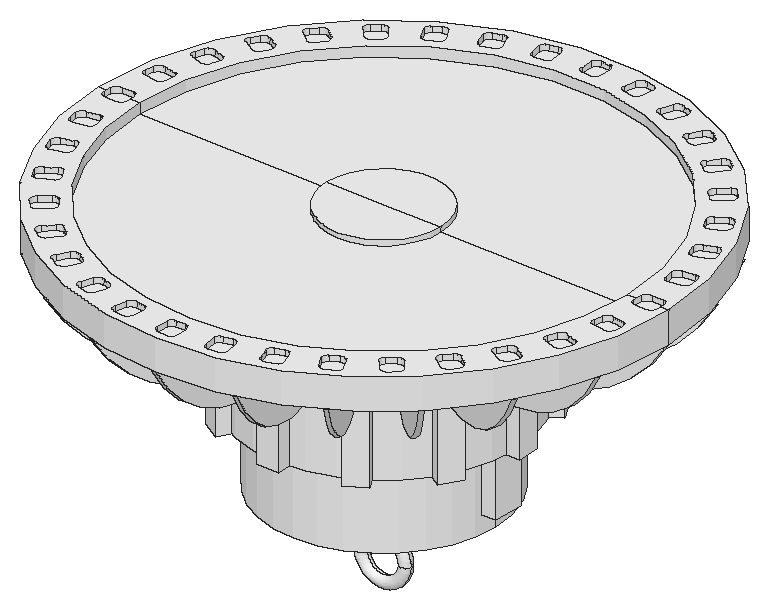
Revit family "CRB", category Lighting Fixtures, host Face, Revit 2021 (continued)
Definition of nested family "MV"
  Forms (in)
    Revolve 2, solid, material <- "Housing Material"
      sketch origin (-0.0111, 0.02148, 0) x (1, 0, 0) y (0, 0, 1)
        axis (0, 8.54) -> (0, 7.79)
      angle from 0 to 360
    Extrusion 3, solid, material <- "Housing Material"
      sketch origin (-0.0111, -8.59976, 0) x (0, 1, 0) y (0, 0, 1)
        loop
          line (5.49624, 7.29) -> (5.4141, 7.29)
          arc (5.4141, 7.29) -> (3.9671, 7.41595) -> (2.56362, 7.79) r 8.37521
          line (2.56362, 7.79) -> (1.62124, 7.79)
          arc (1.62124, 7.79) -> (3.272, 6.27813) -> (5.49624, 6.0261) r 3.61991
          line (5.49624, 6.0261) -> (5.49624, 7.29)
      from -0.1 to 0
    Extrusion 4, solid, material <- "Housing Material"
      sketch origin (2.22024, -8.306, 0) x (-0.258819, 0.965926, 0) y (0, 0, 1)
        loop
          line (5.49624, 7.29) -> (5.4141, 7.29)
          arc (5.4141, 7.29) -> (3.9671, 7.41595) -> (2.56362, 7.79) r 8.37521
          line (2.56362, 7.79) -> (1.62124, 7.79)
          arc (1.62124, 7.79) -> (3.272, 6.27813) -> (5.49624, 6.0261) r 3.61991
          line (5.49624, 6.0261) -> (5.49624, 7.29)
      from -0.1 to 0
    Extrusion 5, solid, material <- "Housing Material"
      sketch origin (4.29952, -7.44473, 0) x (-0.5, 0.866025, 0) y (0, 0, 1)
        loop
          line (5.49624, 7.29) -> (5.4141, 7.29)
          arc (5.4141, 7.29) -> (3.9671, 7.41595) -> (2.56362, 7.79) r 8.37521
          line (2.56362, 7.79) -> (1.62124, 7.79)
          arc (1.62124, 7.79) -> (3.272, 6.27813) -> (5.49624, 6.0261) r 3.61991
          line (5.49624, 6.0261) -> (5.49624, 7.29)
      from -0.1 to 0
    Extrusion 6, solid, material <- "Housing Material"
      sketch origin (6.08504, -6.07466, 0) x (-0.707107, 0.707107, 0) y (0, 0, 1)
        loop
          line (5.49624, 7.29) -> (5.4141, 7.29)
          arc (5.4141, 7.29) -> (3.9671, 7.41595) -> (2.56362, 7.79) r 8.37521
          line (2.56362, 7.79) -> (1.62124, 7.79)
          arc (1.62124, 7.79) -> (3.272, 6.27813) -> (5.49624, 6.0261) r 3.61991
          line (5.49624, 6.0261) -> (5.49624, 7.29)
      from -0.1 to 0
    Extrusion 7, solid, material <- "Housing Material"
      sketch origin (6.08504, -6.07466, 0) x (-0.707107, 0.707107, 0) y (0, 0, 1)
        loop
          line (5.49624, 7.29) -> (5.4141, 7.29)
          arc (5.4141, 7.29) -> (3.9671, 7.41595) -> (2.56362, 7.79) r 8.37521
          line (2.56362, 7.79) -> (1.62124, 7.79)
          arc (1.62124, 7.79) -> (3.272, 6.27813) -> (5.49624, 6.0261) r 3.61991
          line (5.49624, 6.0261) -> (5.49624, 7.29)
      from -0.1 to 0
    Extrusion 8, solid, material <- "Housing Material"
      sketch origin (7.45511, -4.28914, 0) x (-0.866025, 0.5, 0) y (0, 0, 1)
        loop
          line (5.49624, 7.29) -> (5.4141, 7.29)
          arc (5.4141, 7.29) -> (3.9671, 7.41595) -> (2.56362, 7.79) r 8.37521
          line (2.56362, 7.79) -> (1.62124, 7.79)
          arc (1.62124, 7.79) -> (3.272, 6.27813) -> (5.49624, 6.0261) r 3.61991
          line (5.49624, 6.0261) -> (5.49624, 7.29)
      from -0.1 to 0
    Extrusion 9, solid, material <- "Housing Material"
      sketch origin (8.31638, -2.20986, 0) x (-0.965926, 0.258819, 0) y (0, 0, 1)
        loop
          line (5.49624, 7.29) -> (5.4141, 7.29)
          arc (5.4141, 7.29) -> (3.9671, 7.41595) -> (2.56362, 7.79) r 8.37521
          line (2.56362, 7.79) -> (1.62124, 7.79)
          arc (1.62124, 7.79) -> (3.272, 6.27813) -> (5.49624, 6.0261) r 3.61991
          line (5.49624, 6.0261) -> (5.49624, 7.29)
      from -0.1 to 0
    Extrusion 10, solid, material <- "Housing Material"
      sketch origin (8.61014, 0.02148, 0) x (-1, 0, 0) y (0, 0, 1)
        loop
          line (5.49624, 7.29) -> (5.4141, 7.29)
          arc (5.4141, 7.29) -> (3.9671, 7.41595) -> (2.56362, 7.79) r 8.37521
          line (2.56362, 7.79) -> (1.62124, 7.79)
          arc (1.62124, 7.79) -> (3.272, 6.27813) -> (5.49624, 6.0261) r 3.61991
          line (5.49624, 6.0261) -> (5.49624, 7.29)
      from -0.1 to 0
    Extrusion 11, solid, material <- "Housing Material"
      sketch origin (8.61014, 0.02148, 0) x (-1, 0, 0) y (0, 0, 1)
        loop
          line (5.49624, 7.29) -> (5.4141, 7.29)
          arc (5.4141, 7.29) -> (3.9671, 7.41595) -> (2.56362, 7.79) r 8.37521
          line (2.56362, 7.79) -> (1.62124, 7.79)
          arc (1.62124, 7.79) -> (3.272, 6.27813) -> (5.49624, 6.0261) r 3.61991
          line (5.49624, 6.0261) -> (5.49624, 7.29)
      from -0.1 to 0
    Extrusion 12, solid, material <- "Housing Material"
      sketch origin (8.31638, 2.25282, 0) x (-0.965926, -0.258819, 0) y (0, 0, 1)
        loop
          line (5.49624, 7.29) -> (5.4141, 7.29)
          arc (5.4141, 7.29) -> (3.9671, 7.41595) -> (2.56362, 7.79) r 8.37521
          line (2.56362, 7.79) -> (1.62124, 7.79)
          arc (1.62124, 7.79) -> (3.272, 6.27813) -> (5.49624, 6.0261) r 3.61991
          line (5.49624, 6.0261) -> (5.49624, 7.29)
      from -0.1 to 0
    Extrusion 13, solid, material <- "Housing Material"
      sketch origin (7.45511, 4.3321, 0) x (-0.866025, -0.5, 0) y (0, 0, 1)
        loop
          line (5.49624, 7.29) -> (5.4141, 7.29)
          arc (5.4141, 7.29) -> (3.9671, 7.41595) -> (2.56362, 7.79) r 8.37521
          line (2.56362, 7.79) -> (1.62124, 7.79)
          arc (1.62124, 7.79) -> (3.272, 6.27813) -> (5.49624, 6.0261) r 3.61991
          line (5.49624, 6.0261) -> (5.49624, 7.29)
      from -0.1 to 0
    Extrusion 14, solid, material <- "Housing Material"
      sketch origin (6.08504, 6.11761, 0) x (-0.707107, -0.707107, 0) y (0, 0, 1)
        loop
          line (5.49624, 7.29) -> (5.4141, 7.29)
          arc (5.4141, 7.29) -> (3.9671, 7.41595) -> (2.56362, 7.79) r 8.37521
          line (2.56362, 7.79) -> (1.62124, 7.79)
          arc (1.62124, 7.79) -> (3.272, 6.27813) -> (5.49624, 6.0261) r 3.61991
          line (5.49624, 6.0261) -> (5.49624, 7.29)
      from -0.1 to 0
    Extrusion 15, solid, material <- "Housing Material"
      sketch origin (6.08504, 6.11761, 0) x (-0.707107, -0.707107, 0) y (0, 0, 1)
        loop
          line (5.49624, 7.29) -> (5.4141, 7.29)
          arc (5.4141, 7.29) -> (3.9671, 7.41595) -> (2.56362, 7.79) r 8.37521
          line (2.56362, 7.79) -> (1.62124, 7.79)
          arc (1.62124, 7.79) -> (3.272, 6.27813) -> (5.49624, 6.0261) r 3.61991
          line (5.49624, 6.0261) -> (5.49624, 7.29)
      from -0.1 to 0
    Extrusion 16, solid, material <- "Housing Material"
      sketch origin (4.29952, 7.48769, 0) x (-0.5, -0.866025, 0) y (0, 0, 1)
        loop
          line (5.49624, 7.29) -> (5.4141, 7.29)
          arc (5.4141, 7.29) -> (3.9671, 7.41595) -> (2.56362, 7.79) r 8.37521
          line (2.56362, 7.79) -> (1.62124, 7.79)
          arc (1.62124, 7.79) -> (3.272, 6.27813) -> (5.49624, 6.0261) r 3.61991
          line (5.49624, 6.0261) -> (5.49624, 7.29)
      from -0.1 to 0
    Extrusion 17, solid, material <- "Housing Material"
      sketch origin (2.22024, 8.34895, 0) x (-0.258819, -0.965926, 0) y (0, 0, 1)
        loop
          line (5.49624, 7.29) -> (5.4141, 7.29)
          arc (5.4141, 7.29) -> (3.9671, 7.41595) -> (2.56362, 7.79) r 8.37521
          line (2.56362, 7.79) -> (1.62124, 7.79)
          arc (1.62124, 7.79) -> (3.272, 6.27813) -> (5.49624, 6.0261) r 3.61991
          line (5.49624, 6.0261) -> (5.49624, 7.29)
      from -0.1 to 0
    Extrusion 18, solid, material <- "Housing Material"
      sketch origin (-0.0111, 8.64272, 0) x (0, -1, 0) y (0, 0, 1)
        loop
          line (5.49624, 7.29) -> (5.4141, 7.29)
          arc (5.4141, 7.29) -> (3.9671, 7.41595) -> (2.56362, 7.79) r 8.37521
          line (2.56362, 7.79) -> (1.62124, 7.79)
          arc (1.62124, 7.79) -> (3.272, 6.27813) -> (5.49624, 6.0261) r 3.61991
          line (5.49624, 6.0261) -> (5.49624, 7.29)
      from -0.1 to 0
    Extrusion 19, solid, material <- "Housing Material"
      sketch origin (-2.24244, -8.306, 0) x (0.258819, 0.965926, 0) y (0, 0, -1)
        loop
          line (5.49624, -7.29) -> (5.49624, -6.0261)
          arc (5.49624, -6.0261) -> (3.272, -6.27813) -> (1.62124, -7.79) r 3.61991
          line (1.62124, -7.79) -> (2.56362, -7.79)
          arc (2.56362, -7.79) -> (3.9671, -7.41595) -> (5.4141, -7.29) r 8.37521
          line (5.4141, -7.29) -> (5.49624, -7.29)
      from -0.1 to 0
    Extrusion 20, solid, material <- "Housing Material"
      sketch origin (-4.32172, -7.44473, 0) x (0.5, 0.866025, 0) y (0, 0, -1)
        loop
          line (5.49624, -7.29) -> (5.49624, -6.0261)
          arc (5.49624, -6.0261) -> (3.272, -6.27813) -> (1.62124, -7.79) r 3.61991
          line (1.62124, -7.79) -> (2.56362, -7.79)
          arc (2.56362, -7.79) -> (3.9671, -7.41595) -> (5.4141, -7.29) r 8.37521
          line (5.4141, -7.29) -> (5.49624, -7.29)
      from -0.1 to 0
    Extrusion 21, solid, material <- "Housing Material"
      sketch origin (-6.10723, -6.07466, 0) x (0.707107, 0.707107, 0) y (0, 0, -1)
        loop
          line (5.49624, -7.29) -> (5.49624, -6.0261)
          arc (5.49624, -6.0261) -> (3.272, -6.27813) -> (1.62124, -7.79) r 3.61991
          line (1.62124, -7.79) -> (2.56362, -7.79)
          arc (2.56362, -7.79) -> (3.9671, -7.41595) -> (5.4141, -7.29) r 8.37521
          line (5.4141, -7.29) -> (5.49624, -7.29)
      from -0.1 to 0
    Extrusion 22, solid, material <- "Housing Material"
      sketch origin (-6.10723, -6.07466, 0) x (0.707107, 0.707107, 0) y (0, 0, -1)
        loop
          line (5.49624, -7.29) -> (5.49624, -6.0261)
          arc (5.49624, -6.0261) -> (3.272, -6.27813) -> (1.62124, -7.79) r 3.61991
          line (1.62124, -7.79) -> (2.56362, -7.79)
          arc (2.56362, -7.79) -> (3.9671, -7.41595) -> (5.4141, -7.29) r 8.37521
          line (5.4141, -7.29) -> (5.49624, -7.29)
      from -0.1 to 0
    Extrusion 23, solid, material <- "Housing Material"
      sketch origin (-7.47731, -4.28914, 0) x (0.866025, 0.5, 0) y (0, 0, -1)
        loop
          line (5.49624, -7.29) -> (5.49624, -6.0261)
          arc (5.49624, -6.0261) -> (3.272, -6.27813) -> (1.62124, -7.79) r 3.61991
          line (1.62124, -7.79) -> (2.56362, -7.79)
          arc (2.56362, -7.79) -> (3.9671, -7.41595) -> (5.4141, -7.29) r 8.37521
          line (5.4141, -7.29) -> (5.49624, -7.29)
      from -0.1 to 0
    Extrusion 24, solid, material <- "Housing Material"
      sketch origin (-8.33857, -2.20986, 0) x (0.965926, 0.258819, 0) y (0, 0, -1)
        loop
          line (5.49624, -7.29) -> (5.49624, -6.0261)
          arc (5.49624, -6.0261) -> (3.272, -6.27813) -> (1.62124, -7.79) r 3.61991
          line (1.62124, -7.79) -> (2.56362, -7.79)
          arc (2.56362, -7.79) -> (3.9671, -7.41595) -> (5.4141, -7.29) r 8.37521
          line (5.4141, -7.29) -> (5.49624, -7.29)
      from -0.1 to 0
    Extrusion 25, solid, material <- "Housing Material"
      sketch origin (-8.63233, 0.02148, 0) x (1, 0, 0) y (0, 0, -1)
        loop
          line (5.49624, -7.29) -> (5.49624, -6.0261)
          arc (5.49624, -6.0261) -> (3.272, -6.27813) -> (1.62124, -7.79) r 3.61991
          line (1.62124, -7.79) -> (2.56362, -7.79)
          arc (2.56362, -7.79) -> (3.9671, -7.41595) -> (5.4141, -7.29) r 8.37521
          line (5.4141, -7.29) -> (5.49624, -7.29)
      from -0.1 to 0
    Extrusion 26, solid, material <- "Housing Material"
      sketch origin (-8.63233, 0.02148, 0) x (1, 0, 0) y (0, 0, -1)
        loop
          line (5.49624, -7.29) -> (5.49624, -6.0261)
          arc (5.49624, -6.0261) -> (3.272, -6.27813) -> (1.62124, -7.79) r 3.61991
          line (1.62124, -7.79) -> (2.56362, -7.79)
          arc (2.56362, -7.79) -> (3.9671, -7.41595) -> (5.4141, -7.29) r 8.37521
          line (5.4141, -7.29) -> (5.49624, -7.29)
      from -0.1 to 0
    Extrusion 27, solid, material <- "Housing Material"
      sketch origin (-8.33857, 2.25282, 0) x (0.965926, -0.258819, 0) y (0, 0, -1)
        loop
          line (5.49624, -7.29) -> (5.49624, -6.0261)
          arc (5.49624, -6.0261) -> (3.272, -6.27813) -> (1.62124, -7.79) r 3.61991
          line (1.62124, -7.79) -> (2.56362, -7.79)
          arc (2.56362, -7.79) -> (3.9671, -7.41595) -> (5.4141, -7.29) r 8.37521
          line (5.4141, -7.29) -> (5.49624, -7.29)
      from -0.1 to 0
    Extrusion 28, solid, material <- "Housing Material"
      sketch origin (-7.47731, 4.3321, 0) x (0.866025, -0.5, 0) y (0, 0, -1)
        loop
          line (5.49624, -7.29) -> (5.49624, -6.0261)
          arc (5.49624, -6.0261) -> (3.272, -6.27813) -> (1.62124, -7.79) r 3.61991
          line (1.62124, -7.79) -> (2.56362, -7.79)
          arc (2.56362, -7.79) -> (3.9671, -7.41595) -> (5.4141, -7.29) r 8.37521
          line (5.4141, -7.29) -> (5.49624, -7.29)
      from -0.1 to 0
    Extrusion 29, solid, material <- "Housing Material"
      sketch origin (-6.10723, 6.11761, 0) x (0.707107, -0.707107, 0) y (0, 0, -1)
        loop
          line (5.49624, -7.29) -> (5.49624, -6.0261)
          arc (5.49624, -6.0261) -> (3.272, -6.27813) -> (1.62124, -7.79) r 3.61991
          line (1.62124, -7.79) -> (2.56362, -7.79)
          arc (2.56362, -7.79) -> (3.9671, -7.41595) -> (5.4141, -7.29) r 8.37521
          line (5.4141, -7.29) -> (5.49624, -7.29)
      from -0.1 to 0
    Extrusion 30, solid, material <- "Housing Material"
      sketch origin (-6.10723, 6.11761, 0) x (0.707107, -0.707107, 0) y (0, 0, -1)
        loop
          line (5.49624, -7.29) -> (5.49624, -6.0261)
          arc (5.49624, -6.0261) -> (3.272, -6.27813) -> (1.62124, -7.79) r 3.61991
          line (1.62124, -7.79) -> (2.56362, -7.79)
          arc (2.56362, -7.79) -> (3.9671, -7.41595) -> (5.4141, -7.29) r 8.37521
          line (5.4141, -7.29) -> (5.49624, -7.29)
      from -0.1 to 0
    Extrusion 31, solid, material <- "Housing Material"
      sketch origin (-4.32172, 7.48769, 0) x (0.5, -0.866025, 0) y (0, 0, -1)
        loop
          line (5.49624, -7.29) -> (5.49624, -6.0261)
          arc (5.49624, -6.0261) -> (3.272, -6.27813) -> (1.62124, -7.79) r 3.61991
          line (1.62124, -7.79) -> (2.56362, -7.79)
          arc (2.56362, -7.79) -> (3.9671, -7.41595) -> (5.4141, -7.29) r 8.37521
          line (5.4141, -7.29) -> (5.49624, -7.29)
      from -0.1 to 0
    Extrusion 32, solid, material <- "Housing Material"
      sketch origin (-2.24244, 8.34895, 0) x (0.258819, -0.965926, 0) y (0, 0, -1)
        loop
          line (5.49624, -7.29) -> (5.49624, -6.0261)
          arc (5.49624, -6.0261) -> (3.272, -6.27813) -> (1.62124, -7.79) r 3.61991
          line (1.62124, -7.79) -> (2.56362, -7.79)
          arc (2.56362, -7.79) -> (3.9671, -7.41595) -> (5.4141, -7.29) r 8.37521
          line (5.4141, -7.29) -> (5.49624, -7.29)
      from -0.1 to 0
    Revolve 33, solid, material <- "Housing Material"
      sketch origin (-0.0111, 0.02148, 0) x (1, 0, 0) y (0, 0, 1)
        loop
          line (0, 1.40585) -> (0.31937, 1.40585) -> (0.5, 1.71871) -> (0.5, 2.54209) -> (2.75, 2.54209) -> (2.75, 4.16254) -> (3.25, 4.16254) -> (3.25, 7.75) -> (0, 7.75) -> (0, 1.40585)
        axis (0, 7.75) -> (0, 1.40585)
      angle from 0 to 360
    Extrusion 34, void
      sketch origin (-0.0111, -8.59976, 0) x (1, 0, 0) y (0, 1, 0)
        loop
          arc (-0.12065, 2.39636) -> (-0.21391, 2.35773) -> (-0.25254, 2.26447) r 0.13189
          line (-0.25254, 2.26447) -> (-0.25254, 1.97534)
          arc (-0.25254, 1.97534) -> (-0.20608, 1.86318) -> (-0.09392, 1.81672) r 0.15862
          line (-0.09392, 1.81672) -> (0.10853, 1.81672)
          arc (0.10853, 1.81672) -> (0.20677, 1.85741) -> (0.24746, 1.95565) r 0.13893
          line (0.24746, 1.95565) -> (0.24746, 2.24592)
          arc (0.24746, 2.24592) -> (0.20339, 2.3523) -> (0.09701, 2.39636) r 0.15044
          line (0.09701, 2.39636) -> (-0.12065, 2.39636)
      from 8.41275 to 8.54
    Extrusion 35, void
      sketch origin (1.48596, -8.46878, 0) x (0.984808, 0.173648, 0) y (-0.173648, 0.984808, 0)
        loop
          arc (-0.12065, 2.39636) -> (-0.21391, 2.35773) -> (-0.25254, 2.26447) r 0.13189
          line (-0.25254, 2.26447) -> (-0.25254, 1.97534)
          arc (-0.25254, 1.97534) -> (-0.20608, 1.86318) -> (-0.09392, 1.81672) r 0.15862
          line (-0.09392, 1.81672) -> (0.10853, 1.81672)
          arc (0.10853, 1.81672) -> (0.20677, 1.85741) -> (0.24746, 1.95565) r 0.13893
          line (0.24746, 1.95565) -> (0.24746, 2.24592)
          arc (0.24746, 2.24592) -> (0.20339, 2.3523) -> (0.09701, 2.39636) r 0.15044
          line (0.09701, 2.39636) -> (-0.12065, 2.39636)
      from 8.41275 to 8.54
    Extrusion 36, void
      sketch origin (2.93754, -8.07983, 0) x (0.939693, 0.34202, 0) y (-0.34202, 0.939693, 0)
        loop
          arc (-0.12065, 2.39636) -> (-0.21391, 2.35773) -> (-0.25254, 2.26447) r 0.13189
          line (-0.25254, 2.26447) -> (-0.25254, 1.97534)
          arc (-0.25254, 1.97534) -> (-0.20608, 1.86318) -> (-0.09392, 1.81672) r 0.15862
          line (-0.09392, 1.81672) -> (0.10853, 1.81672)
          arc (0.10853, 1.81672) -> (0.20677, 1.85741) -> (0.24746, 1.95565) r 0.13893
          line (0.24746, 1.95565) -> (0.24746, 2.24592)
          arc (0.24746, 2.24592) -> (0.20339, 2.3523) -> (0.09701, 2.39636) r 0.15044
          line (0.09701, 2.39636) -> (-0.12065, 2.39636)
      from 8.41275 to 8.54
    Extrusion 37, void
      sketch origin (4.29952, -7.44473, 0) x (0.866025, 0.5, 0) y (-0.5, 0.866025, 0)
        loop
          arc (-0.12065, 2.39636) -> (-0.21391, 2.35773) -> (-0.25254, 2.26447) r 0.13189
          line (-0.25254, 2.26447) -> (-0.25254, 1.97534)
          arc (-0.25254, 1.97534) -> (-0.20608, 1.86318) -> (-0.09392, 1.81672) r 0.15862
          line (-0.09392, 1.81672) -> (0.10853, 1.81672)
          arc (0.10853, 1.81672) -> (0.20677, 1.85741) -> (0.24746, 1.95565) r 0.13893
          line (0.24746, 1.95565) -> (0.24746, 2.24592)
          arc (0.24746, 2.24592) -> (0.20339, 2.3523) -> (0.09701, 2.39636) r 0.15044
          line (0.09701, 2.39636) -> (-0.12065, 2.39636)
      from 8.41275 to 8.54
    Extrusion 38, void
      sketch origin (5.53053, -6.58277, 0) x (0.766044, 0.642788, 0) y (-0.642788, 0.766044, 0)
        loop
          arc (-0.12065, 2.39636) -> (-0.21391, 2.35773) -> (-0.25254, 2.26447) r 0.13189
          line (-0.25254, 2.26447) -> (-0.25254, 1.97534)
          arc (-0.25254, 1.97534) -> (-0.20608, 1.86318) -> (-0.09392, 1.81672) r 0.15862
          line (-0.09392, 1.81672) -> (0.10853, 1.81672)
          arc (0.10853, 1.81672) -> (0.20677, 1.85741) -> (0.24746, 1.95565) r 0.13893
          line (0.24746, 1.95565) -> (0.24746, 2.24592)
          arc (0.24746, 2.24592) -> (0.20339, 2.3523) -> (0.09701, 2.39636) r 0.15044
          line (0.09701, 2.39636) -> (-0.12065, 2.39636)
      from 8.41275 to 8.54
    Extrusion 39, void
      sketch origin (6.59315, -5.52014, 0) x (0.642788, 0.766044, 0) y (-0.766044, 0.642788, 0)
        loop
          arc (-0.12065, 2.39636) -> (-0.21391, 2.35773) -> (-0.25254, 2.26447) r 0.13189
          line (-0.25254, 2.26447) -> (-0.25254, 1.97534)
          arc (-0.25254, 1.97534) -> (-0.20608, 1.86318) -> (-0.09392, 1.81672) r 0.15862
          line (-0.09392, 1.81672) -> (0.10853, 1.81672)
          arc (0.10853, 1.81672) -> (0.20677, 1.85741) -> (0.24746, 1.95565) r 0.13893
          line (0.24746, 1.95565) -> (0.24746, 2.24592)
          arc (0.24746, 2.24592) -> (0.20339, 2.3523) -> (0.09701, 2.39636) r 0.15044
          line (0.09701, 2.39636) -> (-0.12065, 2.39636)
      from 8.41275 to 8.54
    Extrusion 40, void
      sketch origin (7.45511, -4.28914, 0) x (0.5, 0.866025, 0) y (-0.866025, 0.5, 0)
        loop
          arc (-0.12065, 2.39636) -> (-0.21391, 2.35773) -> (-0.25254, 2.26447) r 0.13189
          line (-0.25254, 2.26447) -> (-0.25254, 1.97534)
          arc (-0.25254, 1.97534) -> (-0.20608, 1.86318) -> (-0.09392, 1.81672) r 0.15862
          line (-0.09392, 1.81672) -> (0.10853, 1.81672)
          arc (0.10853, 1.81672) -> (0.20677, 1.85741) -> (0.24746, 1.95565) r 0.13893
          line (0.24746, 1.95565) -> (0.24746, 2.24592)
          arc (0.24746, 2.24592) -> (0.20339, 2.3523) -> (0.09701, 2.39636) r 0.15044
          line (0.09701, 2.39636) -> (-0.12065, 2.39636)
      from 8.41275 to 8.54
    Extrusion 41, void
      sketch origin (8.09021, -2.92716, 0) x (0.34202, 0.939693, 0) y (-0.939693, 0.34202, 0)
        loop
          arc (-0.12065, 2.39636) -> (-0.21391, 2.35773) -> (-0.25254, 2.26447) r 0.13189
          line (-0.25254, 2.26447) -> (-0.25254, 1.97534)
          arc (-0.25254, 1.97534) -> (-0.20608, 1.86318) -> (-0.09392, 1.81672) r 0.15862
          line (-0.09392, 1.81672) -> (0.10853, 1.81672)
          arc (0.10853, 1.81672) -> (0.20677, 1.85741) -> (0.24746, 1.95565) r 0.13893
          line (0.24746, 1.95565) -> (0.24746, 2.24592)
          arc (0.24746, 2.24592) -> (0.20339, 2.3523) -> (0.09701, 2.39636) r 0.15044
          line (0.09701, 2.39636) -> (-0.12065, 2.39636)
      from 8.41275 to 8.54
    Extrusion 42, void
      sketch origin (7.45511, -4.28914, 0) x (0.5, 0.866025, 0) y (-0.866025, 0.5, 0)
        loop
          arc (-0.12065, 2.39636) -> (-0.21391, 2.35773) -> (-0.25254, 2.26447) r 0.13189
          line (-0.25254, 2.26447) -> (-0.25254, 1.97534)
          arc (-0.25254, 1.97534) -> (-0.20608, 1.86318) -> (-0.09392, 1.81672) r 0.15862
          line (-0.09392, 1.81672) -> (0.10853, 1.81672)
          arc (0.10853, 1.81672) -> (0.20677, 1.85741) -> (0.24746, 1.95565) r 0.13893
          line (0.24746, 1.95565) -> (0.24746, 2.24592)
          arc (0.24746, 2.24592) -> (0.20339, 2.3523) -> (0.09701, 2.39636) r 0.15044
          line (0.09701, 2.39636) -> (-0.12065, 2.39636)
      from 8.41275 to 8.54
    Extrusion 43, void
      sketch origin (8.09021, -2.92716, 0) x (0.34202, 0.939693, 0) y (-0.939693, 0.34202, 0)
        loop
          arc (-0.12065, 2.39636) -> (-0.21391, 2.35773) -> (-0.25254, 2.26447) r 0.13189
          line (-0.25254, 2.26447) -> (-0.25254, 1.97534)
          arc (-0.25254, 1.97534) -> (-0.20608, 1.86318) -> (-0.09392, 1.81672) r 0.15862
          line (-0.09392, 1.81672) -> (0.10853, 1.81672)
          arc (0.10853, 1.81672) -> (0.20677, 1.85741) -> (0.24746, 1.95565) r 0.13893
          line (0.24746, 1.95565) -> (0.24746, 2.24592)
          arc (0.24746, 2.24592) -> (0.20339, 2.3523) -> (0.09701, 2.39636) r 0.15044
          line (0.09701, 2.39636) -> (-0.12065, 2.39636)
      from 8.41275 to 8.54
    Extrusion 44, void
      sketch origin (8.47916, -1.47558, 0) x (0.173648, 0.984808, 0) y (-0.984808, 0.173648, 0)
        loop
          arc (-0.12065, 2.39636) -> (-0.21391, 2.35773) -> (-0.25254, 2.26447) r 0.13189
          line (-0.25254, 2.26447) -> (-0.25254, 1.97534)
          arc (-0.25254, 1.97534) -> (-0.20608, 1.86318) -> (-0.09392, 1.81672) r 0.15862
          line (-0.09392, 1.81672) -> (0.10853, 1.81672)
          arc (0.10853, 1.81672) -> (0.20677, 1.85741) -> (0.24746, 1.95565) r 0.13893
          line (0.24746, 1.95565) -> (0.24746, 2.24592)
          arc (0.24746, 2.24592) -> (0.20339, 2.3523) -> (0.09701, 2.39636) r 0.15044
          line (0.09701, 2.39636) -> (-0.12065, 2.39636)
      from 8.41275 to 8.54
    Extrusion 45, void
      sketch origin (8.61014, 0.02148, 0) x (0, 1, 0) y (-1, 0, 0)
        loop
          arc (-0.12065, 2.39636) -> (-0.21391, 2.35773) -> (-0.25254, 2.26447) r 0.13189
          line (-0.25254, 2.26447) -> (-0.25254, 1.97534)
          arc (-0.25254, 1.97534) -> (-0.20608, 1.86318) -> (-0.09392, 1.81672) r 0.15862
          line (-0.09392, 1.81672) -> (0.10853, 1.81672)
          arc (0.10853, 1.81672) -> (0.20677, 1.85741) -> (0.24746, 1.95565) r 0.13893
          line (0.24746, 1.95565) -> (0.24746, 2.24592)
          arc (0.24746, 2.24592) -> (0.20339, 2.3523) -> (0.09701, 2.39636) r 0.15044
          line (0.09701, 2.39636) -> (-0.12065, 2.39636)
      from 8.41275 to 8.54
    Extrusion 46, void
      sketch origin (8.47916, 1.51854, 0) x (-0.173648, 0.984808, 0) y (-0.984808, -0.173648, 0)
        loop
          arc (-0.12065, 2.39636) -> (-0.21391, 2.35773) -> (-0.25254, 2.26447) r 0.13189
          line (-0.25254, 2.26447) -> (-0.25254, 1.97534)
          arc (-0.25254, 1.97534) -> (-0.20608, 1.86318) -> (-0.09392, 1.81672) r 0.15862
          line (-0.09392, 1.81672) -> (0.10853, 1.81672)
          arc (0.10853, 1.81672) -> (0.20677, 1.85741) -> (0.24746, 1.95565) r 0.13893
          line (0.24746, 1.95565) -> (0.24746, 2.24592)
          arc (0.24746, 2.24592) -> (0.20339, 2.3523) -> (0.09701, 2.39636) r 0.15044
          line (0.09701, 2.39636) -> (-0.12065, 2.39636)
      from 8.41275 to 8.54
    Extrusion 47, void
      sketch origin (8.09021, 2.97012, 0) x (-0.34202, 0.939693, 0) y (-0.939693, -0.34202, 0)
        loop
          arc (-0.12065, 2.39636) -> (-0.21391, 2.35773) -> (-0.25254, 2.26447) r 0.13189
          line (-0.25254, 2.26447) -> (-0.25254, 1.97534)
          arc (-0.25254, 1.97534) -> (-0.20608, 1.86318) -> (-0.09392, 1.81672) r 0.15862
          line (-0.09392, 1.81672) -> (0.10853, 1.81672)
          arc (0.10853, 1.81672) -> (0.20677, 1.85741) -> (0.24746, 1.95565) r 0.13893
          line (0.24746, 1.95565) -> (0.24746, 2.24592)
          arc (0.24746, 2.24592) -> (0.20339, 2.3523) -> (0.09701, 2.39636) r 0.15044
          line (0.09701, 2.39636) -> (-0.12065, 2.39636)
      from 8.41275 to 8.54
    Extrusion 48, void
      sketch origin (7.45511, 4.3321, 0) x (-0.5, 0.866025, 0) y (-0.866025, -0.5, 0)
        loop
          arc (-0.12065, 2.39636) -> (-0.21391, 2.35773) -> (-0.25254, 2.26447) r 0.13189
          line (-0.25254, 2.26447) -> (-0.25254, 1.97534)
          arc (-0.25254, 1.97534) -> (-0.20608, 1.86318) -> (-0.09392, 1.81672) r 0.15862
          line (-0.09392, 1.81672) -> (0.10853, 1.81672)
          arc (0.10853, 1.81672) -> (0.20677, 1.85741) -> (0.24746, 1.95565) r 0.13893
          line (0.24746, 1.95565) -> (0.24746, 2.24592)
          arc (0.24746, 2.24592) -> (0.20339, 2.3523) -> (0.09701, 2.39636) r 0.15044
          line (0.09701, 2.39636) -> (-0.12065, 2.39636)
      from 8.41275 to 8.54
    Extrusion 49, void
      sketch origin (6.59315, 5.5631, 0) x (-0.642788, 0.766044, 0) y (-0.766044, -0.642788, 0)
        loop
          arc (-0.12065, 2.39636) -> (-0.21391, 2.35773) -> (-0.25254, 2.26447) r 0.13189
          line (-0.25254, 2.26447) -> (-0.25254, 1.97534)
          arc (-0.25254, 1.97534) -> (-0.20608, 1.86318) -> (-0.09392, 1.81672) r 0.15862
          line (-0.09392, 1.81672) -> (0.10853, 1.81672)
          arc (0.10853, 1.81672) -> (0.20677, 1.85741) -> (0.24746, 1.95565) r 0.13893
          line (0.24746, 1.95565) -> (0.24746, 2.24592)
          arc (0.24746, 2.24592) -> (0.20339, 2.3523) -> (0.09701, 2.39636) r 0.15044
          line (0.09701, 2.39636) -> (-0.12065, 2.39636)
      from 8.41275 to 8.54
    Extrusion 50, void
      sketch origin (-0.0111, 8.64272, 0) x (-1, 0, 0) y (0, -1, 0)
        loop
          arc (-0.12065, 2.39636) -> (-0.21391, 2.35773) -> (-0.25254, 2.26447) r 0.13189
          line (-0.25254, 2.26447) -> (-0.25254, 1.97534)
          arc (-0.25254, 1.97534) -> (-0.20608, 1.86318) -> (-0.09392, 1.81672) r 0.15862
          line (-0.09392, 1.81672) -> (0.10853, 1.81672)
          arc (0.10853, 1.81672) -> (0.20677, 1.85741) -> (0.24746, 1.95565) r 0.13893
          line (0.24746, 1.95565) -> (0.24746, 2.24592)
          arc (0.24746, 2.24592) -> (0.20339, 2.3523) -> (0.09701, 2.39636) r 0.15044
          line (0.09701, 2.39636) -> (-0.12065, 2.39636)
      from 8.41275 to 8.54
    Extrusion 51, void
      sketch origin (-1.50816, 8.51174, 0) x (-0.984808, -0.173648, 0) y (0.173648, -0.984808, 0)
        loop
          arc (-0.12065, 2.39636) -> (-0.21391, 2.35773) -> (-0.25254, 2.26447) r 0.13189
          line (-0.25254, 2.26447) -> (-0.25254, 1.97534)
          arc (-0.25254, 1.97534) -> (-0.20608, 1.86318) -> (-0.09392, 1.81672) r 0.15862
          line (-0.09392, 1.81672) -> (0.10853, 1.81672)
          arc (0.10853, 1.81672) -> (0.20677, 1.85741) -> (0.24746, 1.95565) r 0.13893
          line (0.24746, 1.95565) -> (0.24746, 2.24592)
          arc (0.24746, 2.24592) -> (0.20339, 2.3523) -> (0.09701, 2.39636) r 0.15044
          line (0.09701, 2.39636) -> (-0.12065, 2.39636)
      from 8.41275 to 8.54
    Extrusion 52, void
      sketch origin (-2.95973, 8.12279, 0) x (-0.939693, -0.34202, 0) y (0.34202, -0.939693, 0)
        loop
          arc (-0.12065, 2.39636) -> (-0.21391, 2.35773) -> (-0.25254, 2.26447) r 0.13189
          line (-0.25254, 2.26447) -> (-0.25254, 1.97534)
          arc (-0.25254, 1.97534) -> (-0.20608, 1.86318) -> (-0.09392, 1.81672) r 0.15862
          line (-0.09392, 1.81672) -> (0.10853, 1.81672)
          arc (0.10853, 1.81672) -> (0.20677, 1.85741) -> (0.24746, 1.95565) r 0.13893
          line (0.24746, 1.95565) -> (0.24746, 2.24592)
          arc (0.24746, 2.24592) -> (0.20339, 2.3523) -> (0.09701, 2.39636) r 0.15044
          line (0.09701, 2.39636) -> (-0.12065, 2.39636)
      from 8.41275 to 8.54
    Extrusion 53, void
      sketch origin (-4.32172, 7.48769, 0) x (-0.866025, -0.5, 0) y (0.5, -0.866025, 0)
        loop
          arc (-0.12065, 2.39636) -> (-0.21391, 2.35773) -> (-0.25254, 2.26447) r 0.13189
          line (-0.25254, 2.26447) -> (-0.25254, 1.97534)
          arc (-0.25254, 1.97534) -> (-0.20608, 1.86318) -> (-0.09392, 1.81672) r 0.15862
          line (-0.09392, 1.81672) -> (0.10853, 1.81672)
          arc (0.10853, 1.81672) -> (0.20677, 1.85741) -> (0.24746, 1.95565) r 0.13893
          line (0.24746, 1.95565) -> (0.24746, 2.24592)
          arc (0.24746, 2.24592) -> (0.20339, 2.3523) -> (0.09701, 2.39636) r 0.15044
          line (0.09701, 2.39636) -> (-0.12065, 2.39636)
      from 8.41275 to 8.54
    Extrusion 54, void
      sketch origin (-5.55272, 6.62573, 0) x (-0.766044, -0.642788, 0) y (0.642788, -0.766044, 0)
        loop
          arc (-0.12065, 2.39636) -> (-0.21391, 2.35773) -> (-0.25254, 2.26447) r 0.13189
          line (-0.25254, 2.26447) -> (-0.25254, 1.97534)
          arc (-0.25254, 1.97534) -> (-0.20608, 1.86318) -> (-0.09392, 1.81672) r 0.15862
          line (-0.09392, 1.81672) -> (0.10853, 1.81672)
          arc (0.10853, 1.81672) -> (0.20677, 1.85741) -> (0.24746, 1.95565) r 0.13893
          line (0.24746, 1.95565) -> (0.24746, 2.24592)
          arc (0.24746, 2.24592) -> (0.20339, 2.3523) -> (0.09701, 2.39636) r 0.15044
          line (0.09701, 2.39636) -> (-0.12065, 2.39636)
      from 8.41275 to 8.54
    Extrusion 55, void
      sketch origin (-6.61535, 5.5631, 0) x (-0.642788, -0.766044, 0) y (0.766044, -0.642788, 0)
        loop
          arc (-0.12065, 2.39636) -> (-0.21391, 2.35773) -> (-0.25254, 2.26447) r 0.13189
          line (-0.25254, 2.26447) -> (-0.25254, 1.97534)
          arc (-0.25254, 1.97534) -> (-0.20608, 1.86318) -> (-0.09392, 1.81672) r 0.15862
          line (-0.09392, 1.81672) -> (0.10853, 1.81672)
          arc (0.10853, 1.81672) -> (0.20677, 1.85741) -> (0.24746, 1.95565) r 0.13893
          line (0.24746, 1.95565) -> (0.24746, 2.24592)
          arc (0.24746, 2.24592) -> (0.20339, 2.3523) -> (0.09701, 2.39636) r 0.15044
          line (0.09701, 2.39636) -> (-0.12065, 2.39636)
      from 8.41275 to 8.54
    Extrusion 56, void
      sketch origin (-7.47731, 4.3321, 0) x (-0.5, -0.866025, 0) y (0.866025, -0.5, 0)
        loop
          arc (-0.12065, 2.39636) -> (-0.21391, 2.35773) -> (-0.25254, 2.26447) r 0.13189
          line (-0.25254, 2.26447) -> (-0.25254, 1.97534)
          arc (-0.25254, 1.97534) -> (-0.20608, 1.86318) -> (-0.09392, 1.81672) r 0.15862
          line (-0.09392, 1.81672) -> (0.10853, 1.81672)
          arc (0.10853, 1.81672) -> (0.20677, 1.85741) -> (0.24746, 1.95565) r 0.13893
          line (0.24746, 1.95565) -> (0.24746, 2.24592)
          arc (0.24746, 2.24592) -> (0.20339, 2.3523) -> (0.09701, 2.39636) r 0.15044
          line (0.09701, 2.39636) -> (-0.12065, 2.39636)
      from 8.41275 to 8.54
    Extrusion 57, void
      sketch origin (-8.11241, 2.97012, 0) x (-0.34202, -0.939693, 0) y (0.939693, -0.34202, 0)
        loop
          arc (-0.12065, 2.39636) -> (-0.21391, 2.35773) -> (-0.25254, 2.26447) r 0.13189
          line (-0.25254, 2.26447) -> (-0.25254, 1.97534)
          arc (-0.25254, 1.97534) -> (-0.20608, 1.86318) -> (-0.09392, 1.81672) r 0.15862
          line (-0.09392, 1.81672) -> (0.10853, 1.81672)
          arc (0.10853, 1.81672) -> (0.20677, 1.85741) -> (0.24746, 1.95565) r 0.13893
          line (0.24746, 1.95565) -> (0.24746, 2.24592)
          arc (0.24746, 2.24592) -> (0.20339, 2.3523) -> (0.09701, 2.39636) r 0.15044
          line (0.09701, 2.39636) -> (-0.12065, 2.39636)
      from 8.41275 to 8.54
    Extrusion 58, void
      sketch origin (-8.50136, 1.51854, 0) x (-0.173648, -0.984808, 0) y (0.984808, -0.173648, 0)
        loop
          arc (-0.12065, 2.39636) -> (-0.21391, 2.35773) -> (-0.25254, 2.26447) r 0.13189
          line (-0.25254, 2.26447) -> (-0.25254, 1.97534)
          arc (-0.25254, 1.97534) -> (-0.20608, 1.86318) -> (-0.09392, 1.81672) r 0.15862
          line (-0.09392, 1.81672) -> (0.10853, 1.81672)
          arc (0.10853, 1.81672) -> (0.20677, 1.85741) -> (0.24746, 1.95565) r 0.13893
          line (0.24746, 1.95565) -> (0.24746, 2.24592)
          arc (0.24746, 2.24592) -> (0.20339, 2.3523) -> (0.09701, 2.39636) r 0.15044
          line (0.09701, 2.39636) -> (-0.12065, 2.39636)
      from 8.41275 to 8.54
    Extrusion 59, void
      sketch origin (-8.63233, 0.02148, 0) x (0, -1, 0) y (1, 0, 0)
        loop
          arc (-0.12065, 2.39636) -> (-0.21391, 2.35773) -> (-0.25254, 2.26447) r 0.13189
          line (-0.25254, 2.26447) -> (-0.25254, 1.97534)
          arc (-0.25254, 1.97534) -> (-0.20608, 1.86318) -> (-0.09392, 1.81672) r 0.15862
          line (-0.09392, 1.81672) -> (0.10853, 1.81672)
          arc (0.10853, 1.81672) -> (0.20677, 1.85741) -> (0.24746, 1.95565) r 0.13893
          line (0.24746, 1.95565) -> (0.24746, 2.24592)
          arc (0.24746, 2.24592) -> (0.20339, 2.3523) -> (0.09701, 2.39636) r 0.15044
          line (0.09701, 2.39636) -> (-0.12065, 2.39636)
      from 8.41275 to 8.54
    Extrusion 60, void
      sketch origin (-8.50136, -1.47558, 0) x (0.173648, -0.984808, 0) y (0.984808, 0.173648, 0)
        loop
          arc (-0.12065, 2.39636) -> (-0.21391, 2.35773) -> (-0.25254, 2.26447) r 0.13189
          line (-0.25254, 2.26447) -> (-0.25254, 1.97534)
          arc (-0.25254, 1.97534) -> (-0.20608, 1.86318) -> (-0.09392, 1.81672) r 0.15862
          line (-0.09392, 1.81672) -> (0.10853, 1.81672)
          arc (0.10853, 1.81672) -> (0.20677, 1.85741) -> (0.24746, 1.95565) r 0.13893
          line (0.24746, 1.95565) -> (0.24746, 2.24592)
          arc (0.24746, 2.24592) -> (0.20339, 2.3523) -> (0.09701, 2.39636) r 0.15044
          line (0.09701, 2.39636) -> (-0.12065, 2.39636)
      from 8.41275 to 8.54
    Extrusion 61, void
      sketch origin (-8.11241, -2.92716, 0) x (0.34202, -0.939693, 0) y (0.939693, 0.34202, 0)
        loop
          arc (-0.12065, 2.39636) -> (-0.21391, 2.35773) -> (-0.25254, 2.26447) r 0.13189
          line (-0.25254, 2.26447) -> (-0.25254, 1.97534)
          arc (-0.25254, 1.97534) -> (-0.20608, 1.86318) -> (-0.09392, 1.81672) r 0.15862
          line (-0.09392, 1.81672) -> (0.10853, 1.81672)
          arc (0.10853, 1.81672) -> (0.20677, 1.85741) -> (0.24746, 1.95565) r 0.13893
          line (0.24746, 1.95565) -> (0.24746, 2.24592)
          arc (0.24746, 2.24592) -> (0.20339, 2.3523) -> (0.09701, 2.39636) r 0.15044
          line (0.09701, 2.39636) -> (-0.12065, 2.39636)
      from 8.41275 to 8.54
    Extrusion 62, void
      sketch origin (-7.47731, -4.28914, 0) x (0.5, -0.866025, 0) y (0.866025, 0.5, 0)
        loop
          arc (-0.12065, 2.39636) -> (-0.21391, 2.35773) -> (-0.25254, 2.26447) r 0.13189
          line (-0.25254, 2.26447) -> (-0.25254, 1.97534)
          arc (-0.25254, 1.97534) -> (-0.20608, 1.86318) -> (-0.09392, 1.81672) r 0.15862
          line (-0.09392, 1.81672) -> (0.10853, 1.81672)
          arc (0.10853, 1.81672) -> (0.20677, 1.85741) -> (0.24746, 1.95565) r 0.13893
          line (0.24746, 1.95565) -> (0.24746, 2.24592)
          arc (0.24746, 2.24592) -> (0.20339, 2.3523) -> (0.09701, 2.39636) r 0.15044
          line (0.09701, 2.39636) -> (-0.12065, 2.39636)
      from 8.41275 to 8.54
    Extrusion 63, void
      sketch origin (-6.61535, -5.52014, 0) x (0.642788, -0.766044, 0) y (0.766044, 0.642788, 0)
        loop
          arc (-0.12065, 2.39636) -> (-0.21391, 2.35773) -> (-0.25254, 2.26447) r 0.13189
          line (-0.25254, 2.26447) -> (-0.25254, 1.97534)
          arc (-0.25254, 1.97534) -> (-0.20608, 1.86318) -> (-0.09392, 1.81672) r 0.15862
          line (-0.09392, 1.81672) -> (0.10853, 1.81672)
          arc (0.10853, 1.81672) -> (0.20677, 1.85741) -> (0.24746, 1.95565) r 0.13893
          line (0.24746, 1.95565) -> (0.24746, 2.24592)
          arc (0.24746, 2.24592) -> (0.20339, 2.3523) -> (0.09701, 2.39636) r 0.15044
          line (0.09701, 2.39636) -> (-0.12065, 2.39636)
      from 8.41275 to 8.54
    Extrusion 64, void
      sketch origin (1.48596, 8.51174, 0) x (0.984808, -0.173648, 0) y (0.173648, 0.984808, 0)
        loop
          line (-0.12065, -2.39636) -> (0.09701, -2.39636)
          arc (0.09701, -2.39636) -> (0.20339, -2.3523) -> (0.24746, -2.24592) r 0.15044
          line (0.24746, -2.24592) -> (0.24746, -1.95565)
          arc (0.24746, -1.95565) -> (0.20677, -1.85741) -> (0.10853, -1.81672) r 0.13893
          line (0.10853, -1.81672) -> (-0.09392, -1.81672)
          arc (-0.09392, -1.81672) -> (-0.20608, -1.86318) -> (-0.25254, -1.97534) r 0.15862
          line (-0.25254, -1.97534) -> (-0.25254, -2.26447)
          arc (-0.25254, -2.26447) -> (-0.21391, -2.35773) -> (-0.12065, -2.39636) r 0.13189
      from 8.41275 to 8.54
    Extrusion 65, void
      sketch origin (2.93754, 8.12279, 0) x (0.939693, -0.34202, 0) y (0.34202, 0.939693, 0)
        loop
          line (-0.12065, -2.39636) -> (0.09701, -2.39636)
          arc (0.09701, -2.39636) -> (0.20339, -2.3523) -> (0.24746, -2.24592) r 0.15044
          line (0.24746, -2.24592) -> (0.24746, -1.95565)
          arc (0.24746, -1.95565) -> (0.20677, -1.85741) -> (0.10853, -1.81672) r 0.13893
          line (0.10853, -1.81672) -> (-0.09392, -1.81672)
          arc (-0.09392, -1.81672) -> (-0.20608, -1.86318) -> (-0.25254, -1.97534) r 0.15862
          line (-0.25254, -1.97534) -> (-0.25254, -2.26447)
          arc (-0.25254, -2.26447) -> (-0.21391, -2.35773) -> (-0.12065, -2.39636) r 0.13189
      from 8.41275 to 8.54
    Extrusion 66, void
      sketch origin (4.29952, 7.48769, 0) x (0.866025, -0.5, 0) y (0.5, 0.866025, 0)
        loop
          line (-0.12065, -2.39636) -> (0.09701, -2.39636)
          arc (0.09701, -2.39636) -> (0.20339, -2.3523) -> (0.24746, -2.24592) r 0.15044
          line (0.24746, -2.24592) -> (0.24746, -1.95565)
          arc (0.24746, -1.95565) -> (0.20677, -1.85741) -> (0.10853, -1.81672) r 0.13893
          line (0.10853, -1.81672) -> (-0.09392, -1.81672)
          arc (-0.09392, -1.81672) -> (-0.20608, -1.86318) -> (-0.25254, -1.97534) r 0.15862
          line (-0.25254, -1.97534) -> (-0.25254, -2.26447)
          arc (-0.25254, -2.26447) -> (-0.21391, -2.35773) -> (-0.12065, -2.39636) r 0.13189
      from 8.41275 to 8.54
    Extrusion 67, void
      sketch origin (5.53053, 6.62573, 0) x (0.766044, -0.642788, 0) y (0.642788, 0.766044, 0)
        loop
          line (-0.12065, -2.39636) -> (0.09701, -2.39636)
          arc (0.09701, -2.39636) -> (0.20339, -2.3523) -> (0.24746, -2.24592) r 0.15044
          line (0.24746, -2.24592) -> (0.24746, -1.95565)
          arc (0.24746, -1.95565) -> (0.20677, -1.85741) -> (0.10853, -1.81672) r 0.13893
          line (0.10853, -1.81672) -> (-0.09392, -1.81672)
          arc (-0.09392, -1.81672) -> (-0.20608, -1.86318) -> (-0.25254, -1.97534) r 0.15862
          line (-0.25254, -1.97534) -> (-0.25254, -2.26447)
          arc (-0.25254, -2.26447) -> (-0.21391, -2.35773) -> (-0.12065, -2.39636) r 0.13189
      from 8.41275 to 8.54
    Extrusion 68, void
      sketch origin (-1.50816, -8.46878, 0) x (-0.984808, 0.173648, 0) y (-0.173648, -0.984808, 0)
        loop
          line (-0.12065, -2.39636) -> (0.09701, -2.39636)
          arc (0.09701, -2.39636) -> (0.20339, -2.3523) -> (0.24746, -2.24592) r 0.15044
          line (0.24746, -2.24592) -> (0.24746, -1.95565)
          arc (0.24746, -1.95565) -> (0.20677, -1.85741) -> (0.10853, -1.81672) r 0.13893
          line (0.10853, -1.81672) -> (-0.09392, -1.81672)
          arc (-0.09392, -1.81672) -> (-0.20608, -1.86318) -> (-0.25254, -1.97534) r 0.15862
          line (-0.25254, -1.97534) -> (-0.25254, -2.26447)
          arc (-0.25254, -2.26447) -> (-0.21391, -2.35773) -> (-0.12065, -2.39636) r 0.13189
      from 8.41275 to 8.54
    Extrusion 69, void
      sketch origin (-2.95973, -8.07983, 0) x (-0.939693, 0.34202, 0) y (-0.34202, -0.939693, 0)
        loop
          line (-0.12065, -2.39636) -> (0.09701, -2.39636)
          arc (0.09701, -2.39636) -> (0.20339, -2.3523) -> (0.24746, -2.24592) r 0.15044
          line (0.24746, -2.24592) -> (0.24746, -1.95565)
          arc (0.24746, -1.95565) -> (0.20677, -1.85741) -> (0.10853, -1.81672) r 0.13893
          line (0.10853, -1.81672) -> (-0.09392, -1.81672)
          arc (-0.09392, -1.81672) -> (-0.20608, -1.86318) -> (-0.25254, -1.97534) r 0.15862
          line (-0.25254, -1.97534) -> (-0.25254, -2.26447)
          arc (-0.25254, -2.26447) -> (-0.21391, -2.35773) -> (-0.12065, -2.39636) r 0.13189
      from 8.41275 to 8.54
    Extrusion 70, void
      sketch origin (-4.32172, -7.44473, 0) x (-0.866025, 0.5, 0) y (-0.5, -0.866025, 0)
        loop
          line (-0.12065, -2.39636) -> (0.09701, -2.39636)
          arc (0.09701, -2.39636) -> (0.20339, -2.3523) -> (0.24746, -2.24592) r 0.15044
          line (0.24746, -2.24592) -> (0.24746, -1.95565)
          arc (0.24746, -1.95565) -> (0.20677, -1.85741) -> (0.10853, -1.81672) r 0.13893
          line (0.10853, -1.81672) -> (-0.09392, -1.81672)
          arc (-0.09392, -1.81672) -> (-0.20608, -1.86318) -> (-0.25254, -1.97534) r 0.15862
          line (-0.25254, -1.97534) -> (-0.25254, -2.26447)
          arc (-0.25254, -2.26447) -> (-0.21391, -2.35773) -> (-0.12065, -2.39636) r 0.13189
      from 8.41275 to 8.54
    Extrusion 71, void
      sketch origin (-5.55272, -6.58277, 0) x (-0.766044, 0.642788, 0) y (-0.642788, -0.766044, 0)
        loop
          line (-0.12065, -2.39636) -> (0.09701, -2.39636)
          arc (0.09701, -2.39636) -> (0.20339, -2.3523) -> (0.24746, -2.24592) r 0.15044
          line (0.24746, -2.24592) -> (0.24746, -1.95565)
          arc (0.24746, -1.95565) -> (0.20677, -1.85741) -> (0.10853, -1.81672) r 0.13893
          line (0.10853, -1.81672) -> (-0.09392, -1.81672)
          arc (-0.09392, -1.81672) -> (-0.20608, -1.86318) -> (-0.25254, -1.97534) r 0.15862
          line (-0.25254, -1.97534) -> (-0.25254, -2.26447)
          arc (-0.25254, -2.26447) -> (-0.21391, -2.35773) -> (-0.12065, -2.39636) r 0.13189
      from 8.41275 to 8.54
    Extrusion 72, solid, material <- "Housing Material"
      sketch origin (-0.0111, -8.59976, 0) x (1, 0, 0) y (0, 1, 0)
        loop
          line (2.72075, 8.22121) -> (3.07676, 8.22121)
          arc (3.07676, 8.22121) -> (3.10602, 8.58066) -> (3.10062, 8.94126) r 3.75
          line (3.10062, 8.94126) -> (2.73132, 8.94126)
          arc (2.73132, 8.94126) -> (2.7497, 8.58089) -> (2.72075, 8.22121) r 2.75
        loop
          line (-2.72075, 9.02126) -> (-3.07512, 9.02126)
          arc (-3.07512, 9.02126) -> (-3.10092, 8.66164) -> (-3.09206, 8.30121) r 3.75
          line (-3.09206, 8.30121) -> (-2.73132, 8.30121)
          arc (-2.73132, 8.30121) -> (-2.7497, 8.66158) -> (-2.72075, 9.02126) r 2.75
      from 2.72116 to 4.16254
    Extrusion 73, solid, material <- "Housing Material"
      sketch origin (-0.0111, -8.59976, 0) x (1, 0, 0) y (0, 1, 0)
        loop
          arc (0.25895, 5.38157) -> (-0.01297, 5.37126) -> (-0.2848, 5.38374) r 3.25
          line (-0.2848, 5.38374) -> (-0.2848, 5.06377)
          arc (-0.2848, 5.06377) -> (-0.01296, 5.05251) -> (0.25895, 5.06181) r 3.6
          line (0.25895, 5.06181) -> (0.25895, 5.38157)
        loop
          line (0.25895, 11.8609) -> (0.25895, 12.18066)
          arc (0.25895, 12.18066) -> (-0.01296, 12.18996) -> (-0.2848, 12.1787) r 3.6
          line (-0.2848, 12.1787) -> (-0.2848, 11.85873)
          arc (-0.2848, 11.85873) -> (-0.01297, 11.87121) -> (0.25895, 11.8609) r 3.25
        loop
          arc (-1.39731, 5.67967) -> (-1.63795, 5.8067) -> (-1.86712, 5.95342) r 3.25
          line (-1.86712, 5.95342) -> (-2.02711, 5.67632)
          arc (-2.02711, 5.67632) -> (-1.79732, 5.53065) -> (-1.55718, 5.40275) r 3.6
          line (-1.55718, 5.40275) -> (-1.39731, 5.67967)
        loop
          line (1.84236, 11.29093) -> (2.00224, 11.56785)
          arc (2.00224, 11.56785) -> (1.77141, 11.71186) -> (1.53036, 11.83803) r 3.6
          line (1.53036, 11.83803) -> (1.37037, 11.56093)
          arc (1.37037, 11.56093) -> (1.61202, 11.43582) -> (1.84236, 11.29093) r 3.25
        loop
          arc (-2.68213, 6.76608) -> (-2.82702, 6.99642) -> (-2.95213, 7.23807) r 3.25
          line (-2.95213, 7.23807) -> (-3.22923, 7.07809)
          arc (-3.22923, 7.07809) -> (-3.10306, 6.83704) -> (-2.95905, 6.6062) r 3.6
          line (-2.95905, 6.6062) -> (-2.68213, 6.76608)
        loop
          line (2.92914, 10.00575) -> (3.20606, 10.16563)
          arc (3.20606, 10.16563) -> (3.07816, 10.40576) -> (2.93249, 10.63555) r 3.6
          line (2.93249, 10.63555) -> (2.65538, 10.47557)
          arc (2.65538, 10.47557) -> (2.8021, 10.24639) -> (2.92914, 10.00575) r 3.25
        loop
          arc (-3.25174, 8.34985) -> (-3.26205, 8.62177) -> (-3.24957, 8.8936) r 3.25
          line (-3.24957, 8.8936) -> (-3.56954, 8.8936)
          arc (-3.56954, 8.8936) -> (-3.5808, 8.62176) -> (-3.5715, 8.34985) r 3.6
          line (-3.5715, 8.34985) -> (-3.25174, 8.34985)
        loop
          line (3.22759, 8.34985) -> (3.54735, 8.34985)
          arc (3.54735, 8.34985) -> (3.55665, 8.62176) -> (3.54539, 8.8936) r 3.6
          line (3.54539, 8.8936) -> (3.22542, 8.8936)
          arc (3.22542, 8.8936) -> (3.2379, 8.62177) -> (3.22759, 8.34985) r 3.25
        loop
          arc (-2.94879, 10.01035) -> (-2.82175, 10.25099) -> (-2.67503, 10.48017) r 3.25
          line (-2.67503, 10.48017) -> (-2.95213, 10.64015)
          arc (-2.95213, 10.64015) -> (-3.0978, 10.41036) -> (-3.2257, 10.17023) r 3.6
          line (-3.2257, 10.17023) -> (-2.94879, 10.01035)
        loop
          line (2.66248, 6.77068) -> (2.9394, 6.6108)
          arc (2.9394, 6.6108) -> (3.08341, 6.84164) -> (3.20958, 7.08268) r 3.6
          line (3.20958, 7.08268) -> (2.93248, 7.24267)
          arc (2.93248, 7.24267) -> (2.80737, 7.00102) -> (2.66248, 6.77068) r 3.25
        loop
          arc (-1.86237, 11.29517) -> (-1.63203, 11.44006) -> (-1.39038, 11.56517) r 3.25
          line (-1.39038, 11.56517) -> (-1.55037, 11.84227)
          arc (-1.55037, 11.84227) -> (-1.79141, 11.7161) -> (-2.02225, 11.57209) r 3.6
          line (-2.02225, 11.57209) -> (-1.86237, 11.29517)
        loop
          line (1.3773, 5.68391) -> (1.53718, 5.40699)
          arc (1.53718, 5.40699) -> (1.77731, 5.53489) -> (2.0071, 5.68056) r 3.6
          line (2.0071, 5.68056) -> (1.84712, 5.95766)
          arc (1.84712, 5.95766) -> (1.61794, 5.81094) -> (1.3773, 5.68391) r 3.25
      from 4.16254 to 7.79
  Cuts and joins
    Extrusion 34, Extrusion 35, Extrusion 36, Extrusion 37, Extrusion 38, Extrusion 39, Extrusion 42, Extrusion 43, Extrusion 44, Extrusion 45, Extrusion 46, Extrusion 47, Extrusion 48, Extrusion 49, Extrusion 50, Extrusion 51, Extrusion 52, Extrusion 53, Extrusion 54, Extrusion 55, Extrusion 56, Extrusion 57, Extrusion 58, Extrusion 59, Extrusion 60, Extrusion 61, Extrusion 62, Extrusion 63, Extrusion 64, Extrusion 65, Extrusion 66, Extrusion 67, Extrusion 68, Extrusion 69, Extrusion 70, Extrusion 71 cuts Revolve 2
  Dimensions and locks (in)
    aligned and locked: level to plane 2
Definition of nested family "LX"
  Parameters
    Wattage = 9.2903 W
    built-in parameter 1150110 = 1 (stored number, unit not read)
    built-in parameter 1114217 = 1 (stored number, unit not read)
    Tilt Angle = -90.00°
    built-in parameter 1150109 = 1 (stored number, unit not read)
    built-in parameter 1150134 = 3
    built-in parameter 1150113 = 1 (stored number, unit not read)
    Photometric Web File = "CRB-40LX-EDU.ies"
    built-in parameter 1150105 = 109.82 (stored number, unit not read)
    Lumens = 1380 lm
    built-in parameter 1150115 = 1 (stored number, unit not read)
    built-in parameter 1150137 = (empty or 0)
    built-in parameter 1150139 = (empty or 0)
    built-in parameter 1150112 = 1 (stored number, unit not read)
    built-in parameter 1150114 = 1 (stored number, unit not read)
    built-in parameter 1150132 = (empty or 0)
    built-in parameter 1150102 = (empty or 0)
    built-in parameter 1150107 = 3200 (stored number, unit not read)
    built-in parameter 1150138 = (empty or 0)
    built-in parameter 1150106 = 1.0982 (stored number, unit not read)
    Housing Material = none
    built-in parameter 1150104 = 13.8 (stored number, unit not read)
    Dimming Lamp Color Temperature Shift = (empty or 0)
    Default Elevation = 0.00"
    Color Filter = 16777215
    built-in parameter 1114218 = 1 (stored number, unit not read)
    built-in parameter 1150133 = 10 (stored number, unit not read)
  Reference planes (in)
    plane 1 "Center (Front/Back)": y = 0
    plane 2: z = 0
    plane 3 "Center (Left/Right)": x = 0
    plane 4: x = 5.90157
    plane 5: x = -5.90157
  Forms (in)
    Revolve 1, solid, material <- "Housing Material"
      sketch origin (-0.0111, -8.59976, 1.20986) x (1, 0, 0) y (0, 1, 0)
        loop
          circle (0.54012, 8.62124) r 0.1406
        axis (0, 8.62124) -> (0, 8.58187)
      angle from 0 to 360
    Revolve 2, solid, material <- "Housing Material"
      sketch origin (-0.0111, 0.02148, 0) x (1, 0, 0) y (0, 0, 1)
        loop
          line (0, 7.79) -> (5.91732, 7.79) -> (5.91732, 8.54) -> (4.91732, 8.54) -> (4.91732, 8.29) -> (1.40117, 8.29) -> (1.40117, 8.41275) -> (0, 8.41275) -> (0, 8.29) -> (0, 7.79)
        axis (0, 8.54) -> (0, 7.79)
      angle from 0 to 360
    Extrusion 3, solid, material <- "Housing Material"
      sketch origin (-0.0111, -7.51708, 0) x (0, 1, 0) y (0, 0, 1)
        loop
          line (5.49624, 7.29) -> (5.4141, 7.29)
          arc (5.4141, 7.29) -> (3.9671, 7.41595) -> (2.56362, 7.79) r 8.37521
          line (2.56362, 7.79) -> (1.62124, 7.79)
          arc (1.62124, 7.79) -> (3.272, 6.27813) -> (5.49624, 6.0261) r 3.61991
          line (5.49624, 6.0261) -> (5.49624, 7.29)
      from -0.1 to 0
    Revolve 4, solid, material <- "Housing Material"
      sketch origin (-0.0111, 0.02148, 0) x (1, 0, 0) y (0, 0, 1)
        loop
          line (0, 1.6027) -> (0.31937, 1.6027) -> (0.5, 1.91556) -> (0.5, 2.83737) -> (1.76575, 2.83737) -> (1.76575, 4.45782) -> (2.26575, 4.45782) -> (2.26575, 7.75) -> (0, 7.75) -> (0, 1.6027)
        axis (0, 7.75) -> (0, 1.6027)
      angle from 0 to 360
    Extrusion 5, void
      sketch origin (-0.0111, -7.46787, 0) x (1, 0, 0) y (0, 1, 0)
        loop
          arc (-0.12065, 2.39636) -> (-0.21391, 2.35773) -> (-0.25254, 2.26447) r 0.13189
          line (-0.25254, 2.26447) -> (-0.25254, 1.97534)
          arc (-0.25254, 1.97534) -> (-0.20608, 1.86318) -> (-0.09392, 1.81672) r 0.15862
          line (-0.09392, 1.81672) -> (0.10853, 1.81672)
          arc (0.10853, 1.81672) -> (0.20677, 1.85741) -> (0.24746, 1.95565) r 0.13893
          line (0.24746, 1.95565) -> (0.24746, 2.24592)
          arc (0.24746, 2.24592) -> (0.20339, 2.3523) -> (0.09701, 2.39636) r 0.15044
          line (0.09701, 2.39636) -> (-0.12065, 2.39636)
      from 8.41275 to 8.54
    Extrusion 6, solid, material <- "Housing Material"
      sketch origin (-0.0111, -8.59976, 0) x (1, 0, 0) y (0, 1, 0)
        loop
          line (1.74059, 8.22121) -> (2.10829, 8.22121)
          arc (2.10829, 8.22121) -> (2.13755, 8.58066) -> (2.13215, 8.94126) r 3.75
          line (2.13215, 8.94126) -> (1.75116, 8.94126)
          arc (1.75116, 8.94126) -> (1.76955, 8.58089) -> (1.74059, 8.22121) r 2.75
        loop
          line (-1.73002, 9.02126) -> (-2.12283, 9.02126)
          arc (-2.12283, 9.02126) -> (-2.14863, 8.66164) -> (-2.13977, 8.30121) r 3.75
          line (-2.13977, 8.30121) -> (-1.74059, 8.30121)
          arc (-1.74059, 8.30121) -> (-1.75898, 8.66158) -> (-1.73002, 9.02126) r 2.75
      from 2.83737 to 4.45782
    Extrusion 7, solid, material <- "Housing Material"
      sketch origin (-0.0111, -8.59976, 0) x (1, 0, 0) y (0, 1, 0)
        loop
          line (-0.37032, 6.38596) -> (-0.37032, 5.9877)
          arc (-0.37032, 5.9877) -> (-0.01946, 5.96186) -> (0.33175, 5.98256) r 2.65945
          line (0.33175, 5.98256) -> (0.33175, 6.37991)
          arc (0.33175, 6.37991) -> (-0.01952, 6.35557) -> (-0.37032, 6.38596) r 2.26575
      from 4.45782 to 7.79
    Extrusion 8, solid, material <- "Housing Material"
      sketch origin (1.93484, -7.26381, 0) x (-0.258819, 0.965926, 0) y (0, 0, 1)
        loop
          line (5.49624, 7.29) -> (5.4141, 7.29)
          arc (5.4141, 7.29) -> (3.9671, 7.41595) -> (2.56362, 7.79) r 8.37521
          line (2.56362, 7.79) -> (1.62124, 7.79)
          arc (1.62124, 7.79) -> (3.272, 6.27813) -> (5.49624, 6.0261) r 3.61991
          line (5.49624, 6.0261) -> (5.49624, 7.29)
      from -0.1 to 0
    Extrusion 9, solid, material <- "Housing Material"
      sketch origin (3.74893, -6.51553, 0) x (-0.5, 0.866025, 0) y (0, 0, 1)
        loop
          line (5.49624, 7.29) -> (5.4141, 7.29)
          arc (5.4141, 7.29) -> (3.9671, 7.41595) -> (2.56362, 7.79) r 8.37521
          line (2.56362, 7.79) -> (1.62124, 7.79)
          arc (1.62124, 7.79) -> (3.272, 6.27813) -> (5.49624, 6.0261) r 3.61991
          line (5.49624, 6.0261) -> (5.49624, 7.29)
      from -0.1 to 0
    Extrusion 10, solid, material <- "Housing Material"
      sketch origin (5.30753, -5.32323, 0) x (-0.707107, 0.707107, 0) y (0, 0, 1)
        loop
          line (5.49624, 7.29) -> (5.4141, 7.29)
          arc (5.4141, 7.29) -> (3.9671, 7.41595) -> (2.56362, 7.79) r 8.37521
          line (2.56362, 7.79) -> (1.62124, 7.79)
          arc (1.62124, 7.79) -> (3.272, 6.27813) -> (5.49624, 6.0261) r 3.61991
          line (5.49624, 6.0261) -> (5.49624, 7.29)
      from -0.1 to 0
    Extrusion 11, solid, material <- "Housing Material"
      sketch origin (6.50443, -3.76815, 0) x (-0.866025, 0.5, 0) y (0, 0, 1)
        loop
          line (5.49624, 7.29) -> (5.4141, 7.29)
          arc (5.4141, 7.29) -> (3.9671, 7.41595) -> (2.56362, 7.79) r 8.37521
          line (2.56362, 7.79) -> (1.62124, 7.79)
          arc (1.62124, 7.79) -> (3.272, 6.27813) -> (5.49624, 6.0261) r 3.61991
          line (5.49624, 6.0261) -> (5.49624, 7.29)
      from -0.1 to 0
